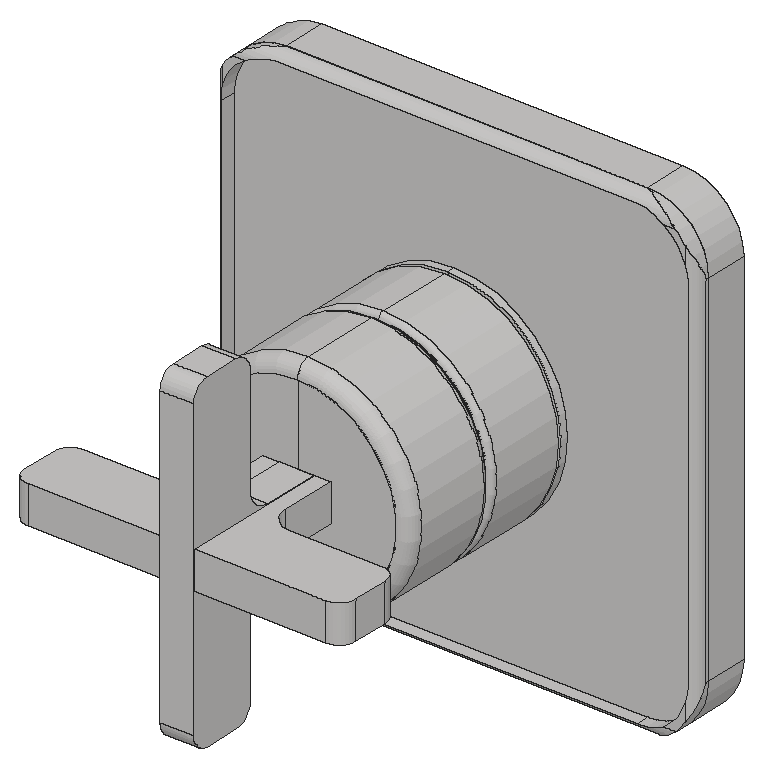
Revit family "CPT-1121", category Plumbing Fixtures, Revit 2023
Family settings
  Round Connector Dimension = Use Diameter
  Part Type = Normal
  OmniClass Number = 23.45.00.00
  OmniClass Title = Sanitary, Laundry, and Cleaning Equipment
  Work Plane-Based = No
  Enable Cutting in Views = No
  Always vertical = Yes
  Cut with Voids When Loaded = No
  Maintain Annotation Orientation = No
  Shared = No
  Room Calculation Point = No
Parameters
  Default Elevation = 0"
Reference planes (in)
  plane 1 "Center (Front/Back)": y = 0
  plane 2: z = 0
  plane 3 "Center (Left/Right)": x = 0
  plane 4 "Center L/S": x = -2
  plane 5 "Center L/T": x = 2
  plane 6: z = 4
  plane 7 "Center L/U": y = -0.5
  plane 8 "Center L/V": y = -3.375
  plane 9: z = 2
  plane 10: z = 1.0625
  plane 11: z = 2.9375
  plane 12: z = 3.375
  plane 13: z = 0.625
  plane 14 "Center L/W": y = -2.79873
  plane 15: z = 2.28125
  plane 16: z = 1.71875
Forms (in)
  Extrusion 1, solid, material "Default"
    sketch origin (0, 0, 0) x (1, 0, 0) y (0, 0, 1)
      loop
        arc (-1.5, 4) -> (-1.85355, 3.85355) -> (-2, 3.5) r 0.5
        line (-2, 3.5) -> (-2, 0.5)
        arc (-2, 0.5) -> (-1.85355, 0.14645) -> (-1.5, 0) r 0.5
        line (-1.5, 0) -> (1.5, 0)
        arc (1.5, 0) -> (1.85355, 0.14645) -> (2, 0.5) r 0.5
        line (2, 0.5) -> (2, 3.5)
        arc (2, 3.5) -> (1.85355, 3.85355) -> (1.5, 4) r 0.5
        line (1.5, 4) -> (-1.5, 4)
    from 0 to 0.36568
  Extrusion 2, solid, material "Default"
    sketch origin (0, 0, 0) x (1, 0, 0) y (0, 0, 1)
      loop
        line (1.5, 4) -> (-1.5, 4)
        arc (-1.5, 4) -> (-1.85355, 3.85355) -> (-2, 3.5) r 0.5
        line (-2, 3.5) -> (-2, 0.5)
        arc (-2, 0.5) -> (-1.85355, 0.14645) -> (-1.5, 0) r 0.5
        line (-1.5, 0) -> (1.5, 0)
        arc (1.5, 0) -> (1.85355, 0.14645) -> (2, 0.5) r 0.5
        line (2, 0.5) -> (2, 3.5)
        arc (2, 3.5) -> (1.85355, 3.85355) -> (1.5, 4) r 0.5
      loop
        line (1.5, 3.9375) -> (-1.5, 3.9375)
        arc (-1.5, 3.9375) -> (-1.80936, 3.80936) -> (-1.9375, 3.5) r 0.4375
        line (-1.9375, 3.5) -> (-1.9375, 0.5)
        arc (-1.9375, 0.5) -> (-1.80936, 0.19064) -> (-1.5, 0.0625) r 0.4375
        line (-1.5, 0.0625) -> (1.5, 0.0625)
        arc (1.5, 0.0625) -> (1.80936, 0.19064) -> (1.9375, 0.5) r 0.4375
        line (1.9375, 0.5) -> (1.9375, 3.5)
        arc (1.9375, 3.5) -> (1.80936, 3.80936) -> (1.5, 3.9375) r 0.4375
    from 0.36568 to 0.5
  Extrusion 3, void
    sketch origin (0, 0, 0) x (0, 1, 0) y (0, 0, 1)
      loop
        line (-0.36568, 4) -> (-0.5, 4) -> (-0.5, 3.86568)
        arc (-0.5, 3.86568) -> (-0.46066, 3.96066) -> (-0.36568, 4) r 0.13432
    from -2 to 2
  Extrusion 4, void
    sketch origin (0, 0, 4) x (0, 1, 0) y (0, 0, 1)
      loop
        arc (-0.36568, -4) -> (-0.46066, -3.96066) -> (-0.5, -3.86568) r 0.13432
        line (-0.5, -3.86568) -> (-0.5, -4) -> (-0.36568, -4)
    from -2 to 2
  Extrusion 5, void
    sketch origin (0, 0, 0) x (1, 0, 0) y (0, 1, 0)
      loop
        line (-2, -0.39052) -> (-2, -0.5) -> (-1.9205, -0.5)
        arc (-1.9205, -0.5) -> (-1.97523, -0.45614) -> (-2, -0.39052) r 0.13281
    from 0 to 4.38634
  Revolve 6, solid, material "Default"
    sketch origin (0, 0, 0) x (0, 1, 0) y (0, 0, 1)
      loop
        line (-0.5, 2) -> (-0.5, 2.9375) -> (-0.56693, 2.9375) -> (-0.56693, 2.4375) -> (-0.59949, 2.4375) -> (-0.59949, 2.9375) -> (-1.23117, 2.9375)
        arc (-1.23117, 2.9375) -> (-1.26425, 2.9238) -> (-1.27795, 2.89072) r 0.04678
        line (-1.27795, 2.89072) -> (-1.27795, 2.3359) -> (-1.3125, 2.3359) -> (-1.3125, 2.89072)
        arc (-1.3125, 2.89072) -> (-1.3262, 2.9238) -> (-1.35928, 2.9375) r 0.04678
        line (-1.35928, 2.9375) -> (-2.00675, 2.9375)
        arc (-2.00675, 2.9375) -> (-2.09037, 2.90287) -> (-2.125, 2.81925) r 0.11825
        line (-2.125, 2.81925) -> (-2.125, 2) -> (-0.5, 2)
      axis (-2.125, 2) -> (-0.5, 2)
    angle from 0 to 360
  Extrusion 7, solid, material "Default"
    sketch origin (0, 0, 0) x (0, 1, 0) y (0, 0, 1)
      loop
        arc (-2.60573, 2.15625) -> (-2.7422, 2.21278) -> (-2.79873, 2.34925) r 0.193
        line (-2.79873, 2.34925) -> (-2.79873, 3.23473)
        arc (-2.79873, 3.23473) -> (-2.83981, 3.33392) -> (-2.939, 3.375) r 0.14027
        line (-2.939, 3.375) -> (-3.23473, 3.375)
        arc (-3.23473, 3.375) -> (-3.33392, 3.33392) -> (-3.375, 3.23473) r 0.14027
        line (-3.375, 3.23473) -> (-3.375, 0.76527)
        arc (-3.375, 0.76527) -> (-3.33392, 0.66608) -> (-3.23473, 0.625) r 0.14027
        line (-3.23473, 0.625) -> (-2.939, 0.625)
        arc (-2.939, 0.625) -> (-2.83981, 0.66608) -> (-2.79873, 0.76527) r 0.14027
        line (-2.79873, 0.76527) -> (-2.79873, 1.65075)
        arc (-2.79873, 1.65075) -> (-2.7422, 1.78722) -> (-2.60573, 1.84375) r 0.193
        line (-2.60573, 1.84375) -> (-2.12905, 1.84375) -> (-2.12905, 2.15625) -> (-2.60573, 2.15625)
    from -0.14062 to 0.14063
  Extrusion 8, solid, material "Default"
    sketch origin (2, 0, 2) x (0, 1, 0) y (-1, 0, 0)
      loop
        arc (-2.60573, 2.28125) -> (-2.7422, 2.33778) -> (-2.79873, 2.47425) r 0.193
        line (-2.79873, 2.47425) -> (-2.79873, 3.23473)
        arc (-2.79873, 3.23473) -> (-2.83981, 3.33392) -> (-2.939, 3.375) r 0.14027
        line (-2.939, 3.375) -> (-3.23473, 3.375)
        arc (-3.23473, 3.375) -> (-3.33392, 3.33392) -> (-3.375, 3.23473) r 0.14027
        line (-3.375, 3.23473) -> (-3.375, 0.76527)
        arc (-3.375, 0.76527) -> (-3.33392, 0.66608) -> (-3.23473, 0.625) r 0.14027
        line (-3.23473, 0.625) -> (-2.939, 0.625)
        arc (-2.939, 0.625) -> (-2.83981, 0.66608) -> (-2.79873, 0.76527) r 0.14027
        line (-2.79873, 0.76527) -> (-2.79873, 1.52575)
        arc (-2.79873, 1.52575) -> (-2.7422, 1.66222) -> (-2.60573, 1.71875) r 0.193
        line (-2.60573, 1.71875) -> (-2.12905, 1.71875) -> (-2.12905, 2.28125) -> (-2.60573, 2.28125)
    from -0.15625 to 0.15625
  Extrusion 9, void
    sketch origin (0, 0, 0) x (-1, 0, 0) y (0, -1, 0)
      loop
        arc (-2, 0.39052) -> (-1.97523, 0.45614) -> (-1.9205, 0.5) r 0.13281
        line (-1.9205, 0.5) -> (-2, 0.5) -> (-2, 0.39052)
    from 0 to 4.38634
Cuts and joins
  Extrusion 3, Extrusion 4, Extrusion 5, Extrusion 9 cuts Extrusion 2
Dimensions and locks (in)
  plane 5 "Center L/T" to plane 4 "Center L/S" = 4"
  plane 6 to level = 4"
  plane 11 to plane 10 = 1 7/8"
  plane 8 "Center L/V" to plane 1 "Center (Front/Back)" = 3 3/8"
  plane 13 to plane 12 = 2 3/4"
  aligned and locked: level to plane 2
